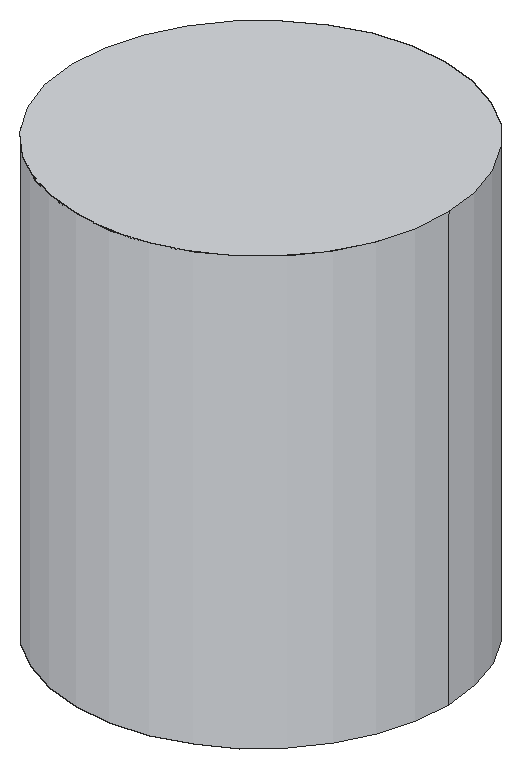
Revit family "Ёмкость", category Обобщенные модели, Revit 2025
Family settings
  Может служить основой для арматурных стержней = Нет
  Размер круглого соединителя = Использовать диаметр
  Тип детали = Нормальный
  На основе рабочей плоскости = Нет
  Всегда вертикально = Да
  При загрузке вырезать с полостями = Нет
  Сохранять ориентацию аннотаций = Нет
  Общий = Нет
  Точка принадлежности помещению = Нет
Parameters
  Отметка по умолчанию = 0 mm
Reference planes
  plane 1 "По центру (Вперед/Назад)": y = 0
  plane 2: z = 0
  plane 3 "По центру (Влево/Вправо)": x = 0
Forms (mm)
  Extrusion 1, solid
    sketch origin (0, 0, 0) x (1, 0, 0) y (0, 1, 0)
      loop
        circle (0, 0) r 1195
    from 0 to 2800
Dimensions and locks
  aligned and locked: level to plane 2
